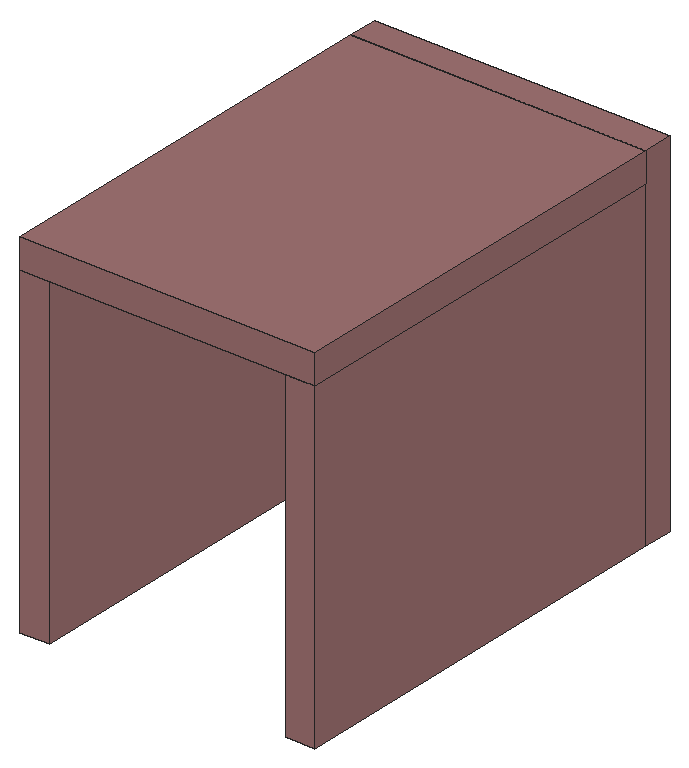
Revit family
Parameters
  spessore seduta = 50 mm
  spessore schienale = 50 mm
  spessore gambe = 50 mm
  profondità = 700 mm
  materiale 2 = Default
  materiale = Default
  mate3 = Default
  larghezza = 500 mm
  altezza seduta = 600 mm
  altezza panca = 600 mm
Reference planes
  plane 1 "Centro (Fronte/Retro)": y = 0
  plane 2: z = 0
  plane 3 "Centro (Sinistra/Destra)": x = 0
  plane 4: y = 350
  plane 5: x = -250
  plane 6: y = -350
  plane 7: x = 250
  plane 8: z = 550
  plane 9: z = 600
  plane 10: y = 400
  plane 11: x = 1231.304
  plane 12: x = -1200
  plane 13: x = 200
  plane 14: x = -200
  plane 15: z = 600
Forms (mm)
  Extrusion 1, solid, material "Default" <- "materiale"
    sketch origin (0, 0, 0) x (1, 0, 0) y (0, 1, 0)
      loop
        line (-250, 350) -> (-250, -350) -> (250, -350) -> (250, 350) -> (-250, 350)
    from 600 to 550
  Extrusion 2, solid, material "Default" <- "mate3"
    sketch origin (0, 0, 0) x (1, 0, 0) y (0, 1, 0)
      loop
        line (-250, 350) -> (-250, -350) -> (-200, -350) -> (-200, 350) -> (-250, 350)
      loop
        line (200, 350) -> (200, -350) -> (250, -350) -> (250, 350) -> (200, 350)
    from 0 to 550
  Extrusion 3, solid, material "Default" <- "materiale 2"
    sketch origin (0, 0, 0) x (1, 0, 0) y (0, 1, 0)
      loop
        line (-250, 400) -> (-250, 350) -> (250, 350) -> (250, 400) -> (-250, 400)
    from 0 to 600
Dimensions and locks
  equal spacing: plane 4, plane 1 "Centro (Fronte/Retro)", plane 6
  equal spacing: plane 5, plane 3 "Centro (Sinistra/Destra)", plane 7
  "profondità": plane 4 to plane 6
  "larghezza": plane 5 to plane 7
  "altezza seduta": plane 9 to level
  "spessore seduta": plane 9 to plane 8
  "spessore gambe": plane 5 to plane 14
  "spessore gambe": plane 13 to plane 7
  "spessore schienale": plane 10 to plane 4
  "altezza panca": level to plane 15
  aligned and locked: plane 4 to Extrusion 1
  aligned and locked: Extrusion 1 to plane 5
  aligned and locked: Extrusion 1 to plane 6
  aligned and locked: plane 7 to Extrusion 1
  aligned and locked: plane 9 to Extrusion 1
  aligned and locked: Extrusion 1 to plane 8
  aligned and locked: plane 14 to Extrusion 2
  aligned and locked: Extrusion 2 to plane 6  (x2)
  aligned and locked: plane 4 to Extrusion 2  (x2)
  aligned and locked: Extrusion 2 to plane 13
  aligned and locked: plane 7 to Extrusion 2
  aligned and locked: plane 8 to Extrusion 2
  aligned and locked: plane 10 to Extrusion 3
  aligned and locked: Extrusion 3 to plane 5
  aligned and locked: Extrusion 3 to plane 4
  aligned and locked: plane 7 to Extrusion 3
  aligned and locked: plane 15 to Extrusion 3
  aligned and locked: Extrusion 3 to Extrusion 2
Automatic sketch dimensions
  Extrusion 1 sketch curve to plane 5 = 0 mm
  plane 7 to Extrusion 1 sketch curve = 0 mm
  Extrusion 1 sketch curve to plane 6 = 0 mm
  plane 4 to Extrusion 1 sketch curve = 0 mm
  plane 12 to Extrusion 2 sketch curve = 950 mm
  plane 14 to Extrusion 2 sketch curve = 0 mm
  Extrusion 2 sketch curve to plane 13 = 0 mm
  Extrusion 2 sketch curve to plane 11 = 981.304 mm
  Extrusion 2 sketch curve to plane 6 = 0 mm  (x2)
  Extrusion 2 sketch curve to plane 10 = 50 mm  (x2)
  plane 12 to Extrusion 3 sketch curve = 950 mm
  Extrusion 3 sketch curve to plane 11 = 981.304 mm
  Extrusion 3 sketch curve to plane 1 "Centro (Fronte/Retro)" = 350 mm
  plane 10 to Extrusion 3 sketch curve = 0 mm
